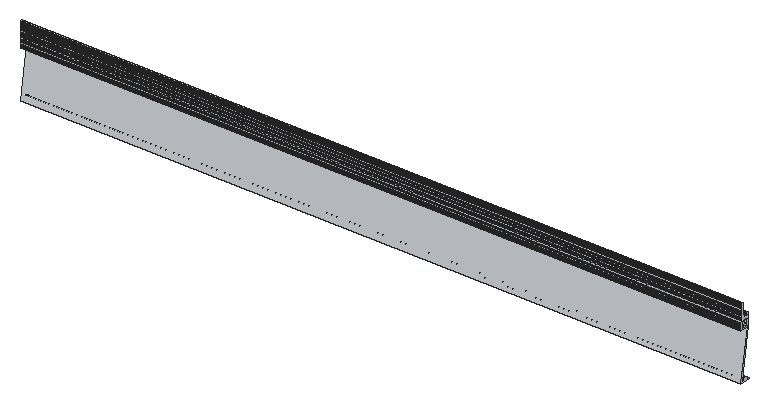
Revit family "Alcon-15244-A-RGBW-Revit-Family", category Lighting Fixtures, Revit 2021
Family settings
  Round Connector Dimension = Use Diameter
  Part Type = Normal
  Work Plane-Based = No
  Always vertical = Yes
  Cut with Voids When Loaded = No
  Light Source = No
  Shared = No
  Room Calculation Point = No
Parameters (values of type "4'")
  Product Identity = "Alcon Lighting  15244-A-RGBW"
  Manufacturer = "Alcon Light"
  Link To Product Page = "https://www.alconlighting.com/15244-a-rgbw.html"
  Light Source = none
  Lens = none
  Lenght = 4' - 0"
  Housing = none
  Default Elevation = 0' - 0"
Types (5): name | Lenght
  (no name) | 4' - 0"
  2' | 2' - 0"
  3' | 3' - 0"
  4' | 4' - 0"
  6' | 6' - 0"
Reference planes (in)
  plane 1 "Center (Front/Back)": y = 0
  plane 2: z = 0
  plane 3 "Center (Left/Right)": x = 0
Forms (in)
  Extrusion 1, solid, material <- "Housing"
    sketch origin (0, 0, 0) x (0, 1, 0) y (0, 0, 1)
      loop
        line (0, 4) -> (-0.14066, 4) -> (-0.14066, 3.92871) -> (-0.069, 3.92871) -> (-0.069, 3.83442) -> (-0.21107, 3.83442)
        arc (-0.21107, 3.83442) -> (-0.24375, 3.72147) -> (-0.27644, 3.83442) r 0.06121
        line (-0.27644, 3.83442) -> (-0.40343, 3.83442) -> (-0.40343, 3.92871) -> (-0.33679, 3.92871) -> (-0.33679, 4) -> (-0.49, 4) -> (-0.49, 4.78381) -> (-0.56063, 4.78381) -> (-0.56176, 4.72889) -> (-0.52958, 4.72889) -> (-0.52958, 4.69725) -> (-0.56241, 4.69725) -> (-0.56352, 4.64361) -> (-0.53134, 4.64361) -> (-0.53134, 4.61196) -> (-0.56417, 4.61196) -> (-0.56556, 4.54421) -> (-0.53338, 4.54421) -> (-0.53338, 4.51256) -> (-0.56622, 4.51256) -> (-0.56766, 4.44246) -> (-0.53548, 4.44246) -> (-0.53548, 4.41082) -> (-0.56831, 4.41082) -> (-0.56975, 4.34072) -> (-0.53757, 4.34072) -> (-0.53757, 4.30907) -> (-0.5704, 4.30907) -> (-0.57185, 4.23898) -> (-0.53967, 4.23898) -> (-0.53967, 4.20733) -> (-0.5725, 4.20733) -> (-0.57394, 4.13723) -> (-0.54176, 4.13723) -> (-0.54176, 4.10559) -> (-0.57459, 4.10559) -> (-0.57603, 4.03549) -> (-0.54385, 4.03549) -> (-0.54385, 4.00384) -> (-0.57668, 4.00384) -> (-0.57813, 3.93375) -> (-0.54595, 3.93375) -> (-0.54595, 3.9021) -> (-0.57878, 3.9021) -> (-0.58022, 3.832) -> (-0.54804, 3.832) -> (-0.54804, 3.80035) -> (-0.58087, 3.80035) -> (-0.58232, 3.73026) -> (-0.55014, 3.73026) -> (-0.55014, 3.69861) -> (-0.58297, 3.69861) -> (-0.58441, 3.62851) -> (-0.55223, 3.62851) -> (-0.55223, 3.59687) -> (-0.58506, 3.59687) -> (-0.5865, 3.52677) -> (-0.55432, 3.52677) -> (-0.55432, 3.49512) -> (-0.58715, 3.49512) -> (-0.5886, 3.42503) -> (-0.55642, 3.42503) -> (-0.55642, 3.39338) -> (-0.58925, 3.39338) -> (-0.59069, 3.32328) -> (-0.55851, 3.32328) -> (-0.55851, 3.29164) -> (-0.59134, 3.29164) -> (-0.59242, 3.23919) -> (-0.63, 3.23919) -> (-0.63, 3.17381) -> (-0.54653, 3.17381) -> (-0.54653, 3.21844) -> (-0.50818, 3.25679) -> (-0.50818, 3.65031) -> (-0.09847, 3.65031) -> (-0.09847, 3.26298) -> (-0.07312, 3.21907) -> (-0.07312, 3.17639) -> (-0.6332, 0) -> (0, 0) -> (0, 0.06856) -> (-0.14646, 0.06856)
        arc (-0.14646, 0.06856) -> (-0.13199, 0.14438) -> (-0.17823, 0.20618) r 0.09561
        line (-0.17823, 0.20618) -> (-0.20724, 0.17717)
        arc (-0.20724, 0.17717) -> (-0.23686, 0.07938) -> (-0.26648, 0.17717) r 0.05338
        line (-0.26648, 0.17717) -> (-0.29549, 0.20618)
        arc (-0.29549, 0.20618) -> (-0.34173, 0.14438) -> (-0.32726, 0.06856) r 0.09561
        line (-0.32726, 0.06856) -> (-0.54314, 0.06856) -> (0, 3.14883) -> (0, 4)
    from 0 to 48
  Extrusion 2, solid, material <- "Lens"
    sketch origin (0, 0, 0) x (0, 1, 0) y (0, 0, 1)
      loop
        line (-0.54653, 3.17381) -> (-0.07312, 3.17381) -> (-0.07312, 3.21907) -> (-0.09847, 3.26298) -> (-0.09847, 3.4201) -> (-0.13354, 3.4201) -> (-0.13354, 3.21839) -> (-0.46504, 3.21839) -> (-0.46504, 3.4201) -> (-0.50818, 3.4201) -> (-0.50818, 3.25679) -> (-0.54653, 3.21844) -> (-0.54653, 3.17381)
    from 0 to 48
  Extrusion 3, solid, material <- "Light Source"
    sketch origin (0, 0, 0) x (0, 1, 0) y (0, 0, 1)
      loop
        line (-0.50818, 3.65031) -> (-0.50818, 3.60628) -> (-0.09847, 3.60628) -> (-0.09847, 3.65031) -> (-0.50818, 3.65031)
    from 0 to 48
Dimensions and locks (in)
  "Lenght": plane 3 "Center (Left/Right)" to Extrusion 1
  aligned and locked: plane 2 to level
  aligned and locked: Extrusion 1 to Extrusion 2
  aligned and locked: Extrusion 1 to Extrusion 3
Automatic sketch dimensions
  plane 1 "Center (Front/Back)" to Extrusion 2 sketch curve = 0' - 0.54653"
  Extrusion 2 sketch curve to Extrusion 2 sketch curve = 0' - 0.03835"  (x2)
  Extrusion 2 sketch curve to Extrusion 2 sketch curve = 0' - 0.04315"
  plane 1 "Center (Front/Back)" to Extrusion 2 sketch curve = 0' - 0.13354"
  Extrusion 2 sketch curve to Extrusion 2 sketch curve = 0' - 0.03507"
  plane 1 "Center (Front/Back)" to Extrusion 2 sketch curve = 0' - 0.07312"
  level to Extrusion 2 sketch curve = 0' - 3.17381"
  Extrusion 2 sketch curve to Extrusion 2 sketch curve = 0' - 0.04458"
  Extrusion 2 sketch curve to Extrusion 2 sketch curve = 0' - 0.04463"
  Extrusion 2 sketch curve to Extrusion 2 sketch curve = 0' - 0.04526"
  Extrusion 2 sketch curve to Extrusion 2 sketch curve = 0' - 0.04391"
  Extrusion 2 sketch curve to Extrusion 2 sketch curve = 0' - 0.15712"
  Extrusion 2 sketch curve to Extrusion 2 sketch curve = 0' - 0.16331"
  plane 1 "Center (Front/Back)" to Extrusion 3 sketch curve = 0' - 0.50818"
  plane 1 "Center (Front/Back)" to Extrusion 3 sketch curve = 0' - 0.09847"
  level to Extrusion 3 sketch curve = 0' - 3.60628"
  Extrusion 3 sketch curve to Extrusion 3 sketch curve = 0' - 0.04403"
  Extrusion 1 sketch curve to level = 0' - 0"
  Extrusion 1 sketch curve to plane 1 "Center (Front/Back)" = 0' - 0"  (x2)
  plane 1 "Center (Front/Back)" to Extrusion 1 sketch curve = 0' - 0.069"
  plane 1 "Center (Front/Back)" to Extrusion 1 sketch curve = 0' - 0.07312"
  Extrusion 1 sketch curve to Extrusion 1 sketch curve = 0' - 0.02535"
  Extrusion 1 sketch curve to Extrusion 1 sketch curve = 0' - 0.07166"
  plane 1 "Center (Front/Back)" to Extrusion 1 sketch curve = 0' - 0.14646"
  Extrusion 1 sketch curve to Extrusion 1 sketch curve = 0' - 0.03177"
  Extrusion 1 sketch curve to Extrusion 1 sketch curve = 0' - 0.02901"  (x2)
  Extrusion 1 sketch curve to Extrusion 1 sketch curve = 0' - 0.07041"
  Extrusion 1 sketch curve to Extrusion 1 sketch curve = 0' - 0.01791"
  Extrusion 1 sketch curve to Extrusion 1 sketch curve = 0' - 0 3/256"  (x2)
  Extrusion 1 sketch curve to Extrusion 1 sketch curve = 0' - 0.03269"  (x2)
  level to Extrusion 1 sketch curve = 0' - 0.17717"
  Extrusion 1 sketch curve to Extrusion 1 sketch curve = 0' - 0.02962"
  Extrusion 1 sketch curve to Extrusion 1 sketch curve = 0' - 0.07869"
  Extrusion 1 sketch curve to Extrusion 1 sketch curve = 0' - 0.06035"
  Extrusion 1 sketch curve to Extrusion 1 sketch curve = 0' - 0.06663"
  Extrusion 1 sketch curve to Extrusion 1 sketch curve = 0' - 0.08657"
  Extrusion 1 sketch curve to Extrusion 1 sketch curve = 0' - 0.40971"
  Extrusion 1 sketch curve to Extrusion 1 sketch curve = 0' - 0.03958"
  Extrusion 1 sketch curve to Extrusion 1 sketch curve = 0' - 0.00176"
  Extrusion 1 sketch curve to Extrusion 1 sketch curve = 0' - 0.00205"
  Extrusion 1 sketch curve to Extrusion 1 sketch curve = 0' - 0.00209"  (x9)
  level to Extrusion 1 sketch curve = 0' - 0.06856"
  Extrusion 1 sketch curve to Extrusion 1 sketch curve = 0' - 0.21587"
  Extrusion 1 sketch curve to Extrusion 1 sketch curve = 0' - 0.05385"
  Extrusion 1 sketch curve to Extrusion 1 sketch curve = 0' - 0.03835"  (x2)
  Extrusion 1 sketch curve to Extrusion 1 sketch curve = 0' - 0.04404"
  Extrusion 1 sketch curve to Extrusion 1 sketch curve = 0' - 0.05033"
  Extrusion 1 sketch curve to Extrusion 1 sketch curve = 0' - 0.03105"
  Extrusion 1 sketch curve to Extrusion 1 sketch curve = 0' - 0.04589"
  Extrusion 1 sketch curve to Extrusion 1 sketch curve = 0' - 0.03758"
  Extrusion 1 sketch curve to Extrusion 1 sketch curve = 0' - 0.09007"
  Extrusion 1 sketch curve to Extrusion 1 sketch curve = 0' - 0.06856"
  Extrusion 1 sketch curve to Extrusion 1 sketch curve = 0' - 0.0543"
  Extrusion 1 sketch curve to Extrusion 1 sketch curve = 0' - 0"
  Extrusion 1 sketch curve to Extrusion 1 sketch curve = 0' - 0.00989"
  Extrusion 1 sketch curve to Extrusion 1 sketch curve = 0' - 2.94265"
  Extrusion 1 sketch curve to Extrusion 1 sketch curve = 0' - 0.02498"
  Extrusion 1 sketch curve to Extrusion 1 sketch curve = 0' - 0.02755"
  Extrusion 1 sketch curve to Extrusion 1 sketch curve = 0' - 0.04463"
  Extrusion 1 sketch curve to Extrusion 1 sketch curve = 0' - 0.04269"
  Extrusion 1 sketch curve to Extrusion 1 sketch curve = 0' - 0.02074"
  Extrusion 1 sketch curve to Extrusion 1 sketch curve = 0' - 0.04391"
  Extrusion 1 sketch curve to Extrusion 1 sketch curve = 0' - 0.03485"
  Extrusion 1 sketch curve to Extrusion 1 sketch curve = 0' - 0.0701"  (x10)
  Extrusion 1 sketch curve to Extrusion 1 sketch curve = 0' - 0.03165"  (x15)
  Extrusion 1 sketch curve to Extrusion 1 sketch curve = 0' - 0.38733"
  Extrusion 1 sketch curve to Extrusion 1 sketch curve = 0' - 0.0483"
  Extrusion 1 sketch curve to Extrusion 1 sketch curve = 0' - 0.13236"
  Extrusion 1 sketch curve to Extrusion 1 sketch curve = 0' - 0.00242"
  Extrusion 1 sketch curve to Extrusion 1 sketch curve = 0' - 0.09429"  (x2)
  Extrusion 1 sketch curve to Extrusion 1 sketch curve = 0' - 0.06625"
  Extrusion 1 sketch curve to Extrusion 1 sketch curve = 0' - 0.07129"
  Extrusion 1 sketch curve to Extrusion 1 sketch curve = 0' - 0.00384"
  Extrusion 1 sketch curve to Extrusion 1 sketch curve = 0' - 0.06775"
  Extrusion 1 sketch curve to Extrusion 1 sketch curve = 0' - 0.05364"
  Extrusion 1 sketch curve to Extrusion 1 sketch curve = 0' - 0.05492"
  Extrusion 1 sketch curve to Extrusion 1 sketch curve = 0' - 0.03218"  (x6)
  Extrusion 1 sketch curve to Extrusion 1 sketch curve = 0' - 0.03283"  (x9)
  Extrusion 1 sketch curve to Extrusion 1 sketch curve = 0' - 0.00065"  (x15)
